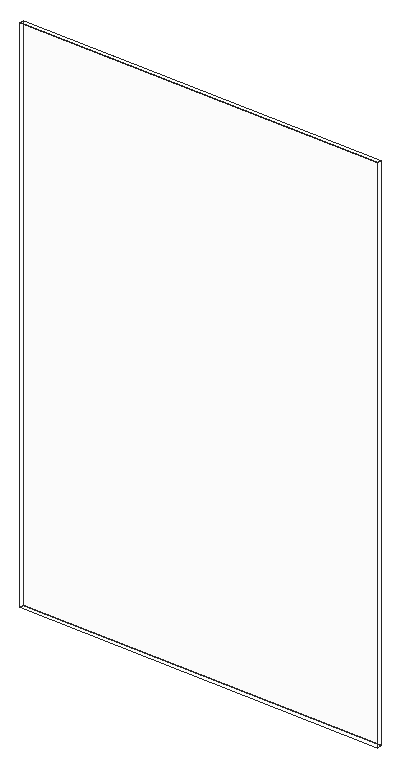
Revit family "Glazed Panel", category Curtain Panels, Revit 2015
Parameters (values of type "25mm")
  Visual Light Transmittance = 0.9
  Thickness = 25.00 mm
  Solar Heat Gain Coefficient = 0.78
  Construction Type Id = "GSP4R"
  Heat Transfer Coefficient (U) = 3.6886 W/(m²·K)
  Glazing Material = Glass
  Offset = 12.50 mm
  Analytic Construction = "1/8 in Pilkington single glazing"
Types (5, lengths in mm): name | Thickness | Offset
  (no name) | 25.00 | 12.50
  25mm | 25.00 | 12.50
  10mm | 10.00 | 5.00
  24mm | 24.00 | 12.00
  40mm | 40.00 | 20.00
Reference planes
  plane 1: y = 0
  plane 2: z = 0
  plane 3: x = 0
  plane 4: x = -831.877
  plane 5: x = 831.877
  plane 6: z = 2438.4
Forms (mm)
  Extrusion 1, solid, material "Glass" <- "Glazing Material"
    sketch origin (0, 0, 0) x (1, 0, 0) y (0, 1, 0)
      loop
        line (-831.877, -12.5) -> (831.877, -12.5) -> (831.877, 12.5) -> (-831.877, 12.5) -> (-831.877, -12.5)
    from 0 to 2438.4
Lines and regions (mm)
  symbolic lines, style "Glass"
    curve 1: line (-831.877, 12.5, 0) -> (831.877, 12.5, 0)
Text (mm)
  text "Exterior" at (-1328.559, 631.882, 0), in view "Base Line"
Dimensions and locks
  equal spacing: plane 4, plane 3, plane 5
  "Offset": plane 1 to Extrusion 1 sketch curve
  "Thickness": Extrusion 1 sketch curve to Extrusion 1 sketch curve
  locked: curve 1 to Extrusion 1 at 0
  aligned and locked: plane 4 to curve 1
  aligned and locked: plane 5 to curve 1
  aligned and locked: plane 5 to Extrusion 1 sketch curve
  aligned and locked: Extrusion 1 sketch curve to plane 5
  aligned and locked: Extrusion 1 to level
  aligned and locked: Extrusion 1 to plane 6
Automatic sketch dimensions
  Extrusion 1 sketch curve to plane 4 = 0.00 mm
